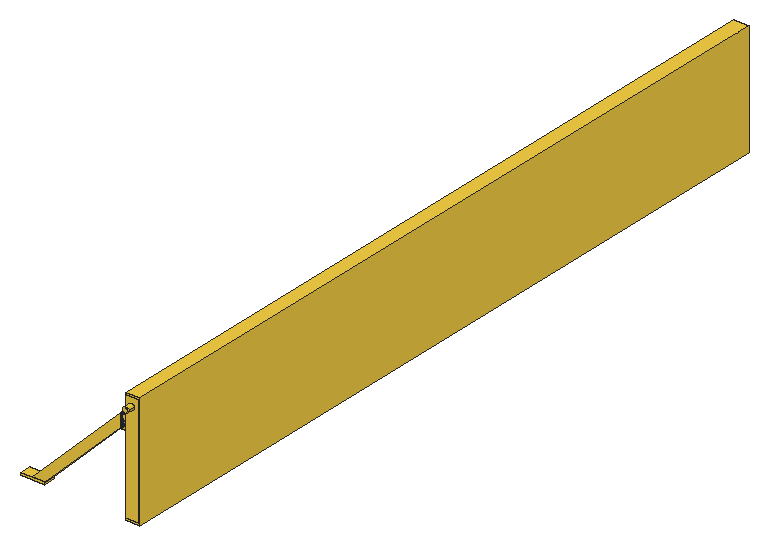
Revit family "EHL_STOPEND B 2x0,3_1860690", category Generic Models, Revit 2018
Family settings
  Can host rebar = No
  Round Connector Dimension = Use Diameter
  Part Type = Normal
  OmniClass Number = 35.51.14.00
  OmniClass Title = FORMWORK
  Work Plane-Based = Yes
  Always vertical = No
  Cut with Voids When Loaded = No
  Shared = Yes
  Room Calculation Point = No
Parameters
  VERSION = "20190101"  # constant formula
  URL = "www.ulmaconstruction.com/en"
  UNICLASS = ""
  Manufacturer = "ULMA CONSTRUCTION"  # constant formula
  ITEM_CODE = "1860690"
  FILTER [instance] = ""
  Default Elevation = 0.000 mm
  CLASSIFICATION_TITLE = ""
  CLASSIFICATION_NUMBER = ""
Reference planes
  plane 1 "Centro (Frontal/Posterior)": y = 0
  plane 2: z = 0
  plane 3 "Centro (Izquierda/Derecha)": x = 0
  plane 4 "STOPEND LENGTH": y = -2000
  plane 5 "STOPEND HEIGHT": z = 300
  plane 6 "01": x = -22
Forms (mm)
  Extrusion 1, solid, material "ULMA YELLOW", detail levels fine
    sketch origin (0, 0, 0) x (1, 0, 0) y (0, 0, 1)
      loop
        line (0, 300) -> (-37.502, 300) -> (-37.502, 294.996) -> (-2.5, 294.996) -> (-2.5, 5.004) -> (-37.502, 5.004) -> (-37.502, 0) -> (0, 0) -> (0, 300)
    from 0 to 2000
  Extrusion 2, solid, material "ULMA YELLOW", detail levels fine
    sketch origin (0, 0, 0) x (1, 0, 0) y (0, 1, 0)
      loop
        line (-6.5, -1965) -> (-6.5, -1996) -> (-37.502, -1996) -> (-37.502, -2000) -> (-2.5, -2000) -> (-2.5, -1965) -> (-6.5, -1965)
    from 5.004 to 294.996
  Extrusion 3, solid, material "ULMA YELLOW", detail levels fine
    sketch origin (0, 0, 0) x (1, 0, 0) y (0, 1, 0)
      loop
        line (-6.5, -4) -> (-6.5, -35) -> (-2.5, -35) -> (-2.5, 0) -> (-37.502, 0) -> (-37.502, -4) -> (-6.5, -4)
    from 5.004 to 294.996
  Extrusion 4, solid, material "ULMA YELLOW", detail levels fine
    sketch origin (0, 0, 0) x (0, 1, 0) y (0, 0, 1)
      loop
        line (-1996, 245.004) -> (-1996, 196.004) -> (-1961, 196.004) -> (-1961, 200.004) -> (-1992, 200.004) -> (-1992, 241.004) -> (-1961, 241.004) -> (-1961, 245.004) -> (-1996, 245.004)
    from -34.5 to -9.5
  Extrusion 5, solid, material "ULMA YELLOW", detail levels fine
    sketch origin (0, 0, 0) x (1, 0, 0) y (0, 1, 0)
      loop
        line (-4, -1317.5) -> (-4, -1327.5) -> (-37.502, -1327.5) -> (-37.502, -1342.5) -> (-4, -1342.5) -> (-4, -1352.5) -> (-2.5, -1352.5) -> (-2.5, -1317.5) -> (-4, -1317.5)
    from 5.004 to 294.996
  Extrusion 6, solid, material "ULMA YELLOW", detail levels fine
    sketch origin (0, 220, 0) x (1, 0, 0) y (0, 1, 0)
      loop
        line (-4, -867.5) -> (-4, -877.5) -> (-37.502, -877.5) -> (-37.502, -892.5) -> (-4, -892.5) -> (-4, -902.5) -> (-2.5, -902.5) -> (-2.5, -867.5) -> (-4, -867.5)
    from 5.004 to 294.996
  Extrusion 7, solid, material "ULMA ZINC", detail levels fine
    sketch origin (0, 0, 0) x (1, 0, 0) y (0, 1, 0)
      loop
        line (-13.5, -1968.457) -> (-22, -1963.55) -> (-30.5, -1968.457) -> (-30.5, -1977.543) -> (-22, -1982.45) -> (-13.5, -1977.543) -> (-13.5, -1968.457)
    from 189.004 to 196.004
  Extrusion 8, solid, material "ULMA ZINC", detail levels fine
    sketch origin (0, 0, 56) x (1, 0, 0) y (0, 1, 0)
      loop
        line (-13.5, -1968.457) -> (-22, -1963.55) -> (-30.5, -1968.457) -> (-30.5, -1977.543) -> (-22, -1982.45) -> (-13.5, -1977.543) -> (-13.5, -1968.457)
    from 189.004 to 196.004
  Extrusion 9, solid, material "ULMA YELLOW", detail levels fine
    sketch origin (0, 0, 0) x (1, 0, 0) y (0, 0, 1)
      loop
        circle (-22, 273) r 7
    from 2000 to 2020
  Extrusion 10, solid, material "ULMA YELLOW", detail levels fine
    sketch origin (0, 0, 0) x (1, 0, 0) y (0, 0, 1)
      loop
        line (-324, 5.992) -> (-324, 0) -> (-259, 0) -> (-259, 5.992) -> (-324, 5.992)
    from 1958 to 1988
  Extrusion 11, solid, material "ULMA YELLOW", detail levels fine
    sketch origin (0, 0, 0) x (1, 0, 0) y (0, 0, 1)
      loop
        line (-62, 238.347) -> (-294.355, 5.992) -> (-259.008, 5.992) -> (-62, 203) -> (-62, 238.347)
    from 1960.5 to 1985.5
  Extrusion 12, solid, material "ULMA ZINC", detail levels fine
    sketch origin (0, 0, 0) x (1, 0, 0) y (0, 0, 1)
      loop
        line (-12, 200.504) -> (-12, 240.504) -> (-32, 240.504) -> (-32, 230.504) -> (-42, 230.504)
        arc (-42, 230.504) -> (-51.998, 220.696) -> (-42.4, 210.504) r 10
        line (-42.4, 210.504) -> (-32, 210.504) -> (-32, 200.504) -> (-12, 200.504)
    from 1983 to 1963
  Extrusion 13, solid, material "ULMA YELLOW", detail levels fine
    sketch origin (0, 0, 0) x (1, 0, 0) y (0, 1, 0)
      loop
        line (-30, -1962) -> (-30, -1958) -> (-55, -1958)
        arc (-55, -1958) -> (-59.95, -1960.05) -> (-62, -1965) r 7
        line (-62, -1965) -> (-62, -1981)
        arc (-62, -1981) -> (-59.95, -1985.95) -> (-55, -1988) r 7
        line (-55, -1988) -> (-30, -1988) -> (-30, -1984) -> (-55, -1984)
        arc (-55, -1984) -> (-57.121, -1983.121) -> (-58, -1981) r 3
        line (-58, -1981) -> (-58, -1965)
        arc (-58, -1965) -> (-57.121, -1962.879) -> (-55, -1962) r 3
        line (-55, -1962) -> (-30, -1962)
    from 203 to 238
  Extrusion 14, solid, material "ULMA ZINC", detail levels fine
    sketch origin (0, 0, 0) x (1, 0, 0) y (0, 0, 1)
      loop
        circle (-42, 220.504) r 7
    from 1956 to 1990
  Extrusion 15, solid, material "ULMA ZINC", detail levels fine
    sketch origin (0, 668.5, 0) x (1, 0, 0) y (0, 1, 0)
      loop
        line (-13.5, -1968.457) -> (-22, -1963.55) -> (-30.5, -1968.457) -> (-30.5, -1977.543) -> (-22, -1982.45) -> (-13.5, -1977.543) -> (-13.5, -1968.457)
    from 189.004 to 196.004
  Extrusion 16, solid, material "ULMA ZINC", detail levels fine
    sketch origin (0, 668.5, 56) x (1, 0, 0) y (0, 1, 0)
      loop
        line (-13.5, -1968.457) -> (-22, -1963.55) -> (-30.5, -1968.457) -> (-30.5, -1977.543) -> (-22, -1982.45) -> (-13.5, -1977.543) -> (-13.5, -1968.457)
    from 189.004 to 196.004
  Extrusion 17, solid, material "ULMA YELLOW", detail levels fine
    sketch origin (0, 668.5, 0) x (1, 0, 0) y (0, 0, 1)
      loop
        line (-324, 5.992) -> (-324, 0) -> (-259, 0) -> (-259, 5.992) -> (-324, 5.992)
    from 1958 to 1988
  Extrusion 18, solid, material "ULMA YELLOW", detail levels fine
    sketch origin (0, 668.5, 0) x (1, 0, 0) y (0, 0, 1)
      loop
        line (-62, 238.347) -> (-294.355, 5.992) -> (-259.008, 5.992) -> (-62, 203) -> (-62, 238.347)
    from 1960.5 to 1985.5
  Extrusion 19, solid, material "ULMA ZINC", detail levels fine
    sketch origin (0, 668.5, 0) x (1, 0, 0) y (0, 0, 1)
      loop
        line (-12, 200.504) -> (-12, 240.504) -> (-32, 240.504) -> (-32, 230.504) -> (-42, 230.504)
        arc (-42, 230.504) -> (-51.998, 220.696) -> (-42.4, 210.504) r 10
        line (-42.4, 210.504) -> (-32, 210.504) -> (-32, 200.504) -> (-12, 200.504)
    from 1983 to 1963
  Extrusion 20, solid, material "ULMA YELLOW", detail levels fine
    sketch origin (0, 668.5, 0) x (1, 0, 0) y (0, 1, 0)
      loop
        line (-30, -1962) -> (-30, -1958) -> (-55, -1958)
        arc (-55, -1958) -> (-59.95, -1960.05) -> (-62, -1965) r 7
        line (-62, -1965) -> (-62, -1981)
        arc (-62, -1981) -> (-59.95, -1985.95) -> (-55, -1988) r 7
        line (-55, -1988) -> (-30, -1988) -> (-30, -1984) -> (-55, -1984)
        arc (-55, -1984) -> (-57.121, -1983.121) -> (-58, -1981) r 3
        line (-58, -1981) -> (-58, -1965)
        arc (-58, -1965) -> (-57.121, -1962.879) -> (-55, -1962) r 3
        line (-55, -1962) -> (-30, -1962)
    from 203 to 238
  Extrusion 21, solid, material "ULMA ZINC", detail levels fine
    sketch origin (0, 668.5, 0) x (1, 0, 0) y (0, 0, 1)
      loop
        circle (-42, 220.504) r 7
    from 1956 to 1990
  Extrusion 22, solid, material "ULMA YELLOW", detail levels fine
    sketch origin (0, 668.5, 0) x (0, 1, 0) y (0, 0, 1)
      loop
        line (-1996, 245.004) -> (-1996, 196.004) -> (-1961, 196.004) -> (-1961, 200.004) -> (-1992, 200.004) -> (-1992, 241.004) -> (-1961, 241.004) -> (-1961, 245.004) -> (-1996, 245.004)
    from -34.5 to -9.5
  Extrusion 23, solid, material "ULMA ZINC", detail levels fine
    sketch origin (0, 1338.5, 0) x (1, 0, 0) y (0, 1, 0)
      loop
        line (-13.5, -1968.457) -> (-22, -1963.55) -> (-30.5, -1968.457) -> (-30.5, -1977.543) -> (-22, -1982.45) -> (-13.5, -1977.543) -> (-13.5, -1968.457)
    from 189.004 to 196.004
  Extrusion 24, solid, material "ULMA ZINC", detail levels fine
    sketch origin (0, 1338.5, 56) x (1, 0, 0) y (0, 1, 0)
      loop
        line (-13.5, -1968.457) -> (-22, -1963.55) -> (-30.5, -1968.457) -> (-30.5, -1977.543) -> (-22, -1982.45) -> (-13.5, -1977.543) -> (-13.5, -1968.457)
    from 189.004 to 196.004
  Extrusion 25, solid, material "ULMA YELLOW", detail levels fine
    sketch origin (0, 1338.5, 0) x (1, 0, 0) y (0, 0, 1)
      loop
        line (-324, 5.992) -> (-324, 0) -> (-259, 0) -> (-259, 5.992) -> (-324, 5.992)
    from 1958 to 1988
  Extrusion 26, solid, material "ULMA YELLOW", detail levels fine
    sketch origin (0, 1338.5, 0) x (1, 0, 0) y (0, 0, 1)
      loop
        line (-62, 238.347) -> (-294.355, 5.992) -> (-259.008, 5.992) -> (-62, 203) -> (-62, 238.347)
    from 1960.5 to 1985.5
  Extrusion 27, solid, material "ULMA ZINC", detail levels fine
    sketch origin (0, 1338.5, 0) x (1, 0, 0) y (0, 0, 1)
      loop
        line (-12, 200.504) -> (-12, 240.504) -> (-32, 240.504) -> (-32, 230.504) -> (-42, 230.504)
        arc (-42, 230.504) -> (-51.998, 220.696) -> (-42.4, 210.504) r 10
        line (-42.4, 210.504) -> (-32, 210.504) -> (-32, 200.504) -> (-12, 200.504)
    from 1983 to 1963
  Extrusion 28, solid, material "ULMA YELLOW", detail levels fine
    sketch origin (0, 1338.5, 0) x (1, 0, 0) y (0, 1, 0)
      loop
        line (-30, -1962) -> (-30, -1958) -> (-55, -1958)
        arc (-55, -1958) -> (-59.95, -1960.05) -> (-62, -1965) r 7
        line (-62, -1965) -> (-62, -1981)
        arc (-62, -1981) -> (-59.95, -1985.95) -> (-55, -1988) r 7
        line (-55, -1988) -> (-30, -1988) -> (-30, -1984) -> (-55, -1984)
        arc (-55, -1984) -> (-57.121, -1983.121) -> (-58, -1981) r 3
        line (-58, -1981) -> (-58, -1965)
        arc (-58, -1965) -> (-57.121, -1962.879) -> (-55, -1962) r 3
        line (-55, -1962) -> (-30, -1962)
    from 203 to 238
  Extrusion 29, solid, material "ULMA ZINC", detail levels fine
    sketch origin (0, 1338.5, 0) x (1, 0, 0) y (0, 0, 1)
      loop
        circle (-42, 220.504) r 7
    from 1956 to 1990
  Extrusion 30, solid, material "ULMA YELLOW", detail levels fine
    sketch origin (0, 1338.5, 0) x (0, 1, 0) y (0, 0, 1)
      loop
        line (-1996, 245.004) -> (-1996, 196.004) -> (-1961, 196.004) -> (-1961, 200.004) -> (-1992, 200.004) -> (-1992, 241.004) -> (-1961, 241.004) -> (-1961, 245.004) -> (-1996, 245.004)
    from -34.5 to -9.5
  Extrusion 31, solid, material "ULMA YELLOW", detail levels fine
    sketch origin (0, 0, 0) x (0, 1, 0) y (0, 0, 1)
      loop
        line (-14, 94.996) -> (-64, 94.996) -> (-64, 44.996) -> (-14, 44.996) -> (-14, 94.996)
      loop
        line (-17, 91.996) -> (-61, 91.996) -> (-61, 47.996) -> (-17, 47.996) -> (-17, 91.996)
    from -37.502 to -6.5
  Sweep 32, solid, material "ULMA ZINC", detail levels fine
    path in 3D
      loop
        line (-22, 15, 69.996) -> (-22, -102, 69.996)
        arc (-22, -102, 69.996) -> (-22, -116.849, 63.845) -> (-22, -123, 48.996) r 21
        line (-22, -123, 48.996) -> (-22, -123, 19.996)
    profile origin (-22, -43.5, 69.996) x (0, 0, 1) y (-1, 0, 0)
      loop
        circle (0, 0) r 7
  Extrusion 33, solid, material "ULMA YELLOW", detail levels coarse+medium
    sketch origin (0, 0, 0) x (1, 0, 0) y (0, 0, 1)
      loop
        line (-37.502, 300) -> (-37.502, 0) -> (0, 0) -> (0, 300) -> (-37.502, 300)
    from 0 to 2000
  Extrusion 34, solid, material "ULMA YELLOW", detail levels coarse+medium
    sketch origin (0, 0, 0) x (1, 0, 0) y (0, 0, 1)
      loop
        line (-62.347, 238) -> (-300.347, 0) -> (-265, 0) -> (-62, 203) -> (-37.502, 203) -> (-37.502, 238) -> (-62.347, 238)
    from 622 to 647
  Extrusion 35, solid, material "ULMA YELLOW", detail levels coarse+medium
    sketch origin (0, 0, 0) x (1, 0, 0) y (0, 0, 1)
      loop
        line (-62.347, 238) -> (-300.347, 0) -> (-265, 0) -> (-62, 203) -> (-37.502, 203) -> (-37.502, 238) -> (-62.347, 238)
    from 1960.5 to 1985.5
  Extrusion 36, solid, material "ULMA YELLOW", detail levels coarse+medium
    sketch origin (0, 668.5, 0) x (1, 0, 0) y (0, 0, 1)
      loop
        line (-62.347, 238) -> (-300.347, 0) -> (-265, 0) -> (-62, 203) -> (-37.502, 203) -> (-37.502, 238) -> (-62.347, 238)
    from 1960.5 to 1985.5
Lines and regions (mm)
  reference lines
    curve 1: line (-22, 15, 69.996) -> (-22, -102, 69.996)
    curve 2: line (-22, -123, 19.996) -> (-22, -123, 48.996)
    curve 3: arc (-22, -123, 48.996) -> (-22, -116.849, 63.845) -> (-22, -102, 69.996) r 21
  sketch lines
    curve 4: line (-22, 15, 69.996) -> (-22, -102, 69.996)
    curve 5: arc (-22, -123, 48.996) -> (-22, -116.849, 63.845) -> (-22, -102, 69.996) r 21
    curve 6: line (-22, -123, 19.996) -> (-22, -123, 48.996)
Dimensions and locks
  locked: Extrusion 1 sketch curve to plane 2 at 5.004
  locked: plane 5 "STOPEND HEIGHT" to Extrusion 1 sketch curve at 5.004
  Extrusion 2 sketch curve to Extrusion 2 sketch curve to Extrusion 2 sketch curve = 31.002 mm locked, 4.000 mm locked
  Extrusion 2 sketch curve to Extrusion 2 sketch curve to Extrusion 1 = 31.000 mm locked, 4.000 mm locked
  Extrusion 3 sketch curve to Extrusion 3 sketch curve to Extrusion 3 sketch curve = 4.000 mm locked, 31.000 mm locked
  Extrusion 3 sketch curve to Extrusion 3 sketch curve to Extrusion 3 sketch curve = 31.002 mm locked, 4.000 mm locked
  Extrusion 5 sketch curve to Extrusion 5 sketch curve to Extrusion 5 sketch curve to Extrusion 5 sketch curve = 10.000 mm locked, 15.000 mm locked, 10.000 mm locked
  Extrusion 5 sketch curve to Extrusion 5 sketch curve = 15.000 mm
  Extrusion 6 sketch curve to Extrusion 6 sketch curve to Extrusion 6 sketch curve to Extrusion 6 sketch curve = 10.000 mm locked, 15.000 mm locked, 10.000 mm locked
  Extrusion 6 sketch curve to Extrusion 6 sketch curve = 15.000 mm
  locked: Extrusion 9 sketch curve to plane 2 at 273
  aligned and locked: level to plane 2
  aligned and locked: Extrusion 1 to plane 1 "Centro (Frontal/Posterior)"
  aligned and locked: Extrusion 1 to plane 4 "STOPEND LENGTH"
  aligned and locked: plane 5 "STOPEND HEIGHT" to Extrusion 1
  aligned and locked: Extrusion 2 to Extrusion 1  (x3)
  aligned and locked: Extrusion 2 to plane 4 "STOPEND LENGTH"
  aligned and locked: Extrusion 3 to Extrusion 1  (x3)
  aligned and locked: Extrusion 3 to plane 1 "Centro (Frontal/Posterior)"
  aligned and locked: Extrusion 5 to Extrusion 2  (x2)
  aligned and locked: Extrusion 8 to Extrusion 4
  aligned and locked: Extrusion 7 to Extrusion 4
  aligned and locked: Extrusion 6 to Extrusion 2
  aligned and locked: Extrusion 2 to Extrusion 9
  aligned and locked: Extrusion 22 to Extrusion 5
  aligned and locked: Extrusion 2 to Extrusion 31
  aligned and locked: Extrusion 31 to Extrusion 3
  aligned and locked: Extrusion 4 to Extrusion 2
  aligned and locked: Extrusion 30 to Extrusion 6
  aligned and locked: Extrusion 33 to plane 2
  aligned and locked: plane 5 "STOPEND HEIGHT" to Extrusion 33
  aligned and locked: Extrusion 33 to plane 4 "STOPEND LENGTH"
  aligned and locked: Extrusion 34 to Extrusion 26  (x2)
  aligned and locked: Extrusion 35 to Extrusion 11  (x2)
